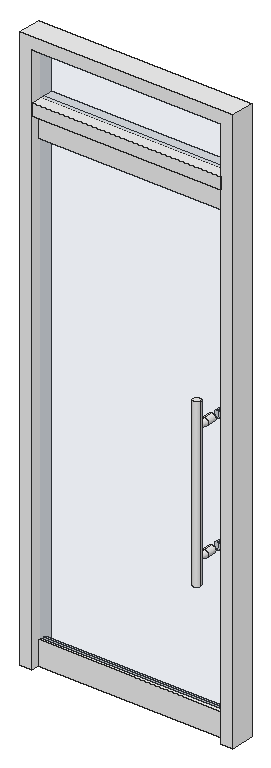
Revit family
Parameters
  프레임 투영 외부. = 25 mm
  프레임 투영 내부. = 25 mm
  프레임 폭 = 75 mm
  Height = 2400 mm
  Wall Closure = (empty or 0)
  Width = 900 mm
  문 두께 = 100 mm
  문 패널 = SSD11 문 패널
  문 리프 길이 = Width - 100 mm  # 800 mm
  문 높이 = 2100 mm
  문 프레임 = SSD11 문 프레임
Reference planes
  plane 1: y = 0
  plane 2 "왼쪽": x = -1850
  plane 3 "오른쪽": x = -950
  plane 4: z = 2400
  plane 5 "외부": y = 75
  plane 6 "내부": y = -75
  plane 7: x = -1800
  plane 8: x = -1000
  plane 9: y = 50
  plane 10: y = -50
  plane 11: z = 2350
  plane 12: z = 2100
  plane 13: z = 2150
  plane 14: z = 2000
  plane 15: z = 100
  plane 16: y = 6
  plane 17: y = -6
  plane 18: y = 16
  plane 19: y = -16
  plane 20: x = -1065
  plane 21: z = 600
  plane 22: z = 1050
  plane 23: x = -1400
  plane 24: y = 800
  plane 25: y = -800
Forms (mm)
  Sweep 1, solid, material "SSD11 문 프레임" <- "문 프레임"
    path origin (0, 75, 0) x (1, 0, 0) y (0, 0, 1)
      loop
        line (-950, 0) -> (-950, 2400) -> (-1850, 2400) -> (-1850, 0)
    profile origin (-950, 75, 1200) x (-1, 0, 0) y (0, -1, 0)
      loop
        line (50, 25) -> (50, 125) -> (0, 125) -> (0, 25) -> (50, 25)
  Extrusion 2, solid, material "SSD11 문 패널" <- "문 패널"
    sketch origin (900, 0, 0) x (1, 0, 0) y (0, 1, 0)
      loop
        line (-2700, 6) -> (-2700, -6) -> (-1900, -6) -> (-1900, 6) -> (-2700, 6)
    from 0 to 2100
  Extrusion 3, solid, material "SSD11 문 프레임" <- "문 프레임"
    sketch origin (900, 0, 0) x (1, 0, 0) y (0, 1, 0)
      loop
        line (-2700, -16) -> (-1900, -16) -> (-1900, -6) -> (-2700, -6) -> (-2700, -16)
      loop
        line (-2700, 6) -> (-1900, 6) -> (-1900, 16) -> (-2700, 16) -> (-2700, 6)
    from 0 to 100
  Extrusion 4, solid, material "SSD11 문 프레임" <- "문 프레임"
    sketch origin (-2581.693, 300, 2000) x (0, 1, 0) y (1, 0, 0)
      loop
        line (-294, 781.693) -> (-284, 781.693) -> (-284, 1581.693) -> (-294, 1581.693) -> (-294, 781.693)
      loop
        line (-316, 781.693) -> (-306, 781.693) -> (-306, 1581.693) -> (-316, 1581.693) -> (-316, 781.693)
    from 0 to -100
  Extrusion 5, solid, material "SSD11 문 패널" <- "문 패널"
    sketch origin (-2581.693, 300, 2100) x (0, 1, 0) y (1, 0, 0)
      loop
        line (-294, 781.693) -> (-294, 1581.693) -> (-306, 1581.693) -> (-306, 781.693) -> (-294, 781.693)
    from -50 to -250
  Extrusion 6, solid, material "SSD11 문 프레임" <- "문 프레임"
    sketch origin (-2581.693, 300, 2100) x (0, 1, 0) y (1, 0, 0)
      loop
        line (-250, 781.693) -> (-250, 1581.693) -> (-350, 1581.693) -> (-350, 781.693) -> (-250, 781.693)
    from 0 to -50
Lines and regions (mm)
  Opening 1
    outline origin (-3050, -75, 0) x (1, 0, 0) y (0, 0, 1)
      loop
        line (1200, 0) -> (2100, 0) -> (2100, 2400) -> (1200, 2400) -> (1200, 0)
  symbolic lines, style "평면 스윙"
    curve 1: line (-1800, -800, 2100) -> (-1768, -800, 2100)
    curve 6: line (-1800, 0, 2100) -> (-1800, 800, 2100)
    curve 7: line (-1800, 800, 2100) -> (-1768, 800, 2100)
    curve 8: line (-1768, 800, 2100) -> (-1768, 0, 2100)
    curve 9: line (-1800, 0, 2100) -> (-1800, -800, 2100)
    curve 10: line (-1800, -800, 2100) -> (-1768, -800, 2100)
    curve 11: line (-1768, -800, 2100) -> (-1768, 0, 2100)
    curve 12: arc (-1800, 800, 2100) -> (-1234.315, 565.685, 2100) -> (-1000, 0, 2100) r 800
    curve 13: arc (-1800, -800, 2100) -> (-1234.315, -565.685, 2100) -> (-1000, 0, 2100) r 800
  symbolic lines, style "입면도 스윙"
    curve 2: line (-1000, 75, 2100) -> (-1000, 75, 1050)
    curve 3: line (-1000, 75, 1050) -> (-1000, 75, 0)
    curve 4: line (-1000, 75, 0) -> (-1800, 75, 1050)
    curve 5: line (-1800, 75, 1050) -> (-1000, 75, 2100)
Text (mm)
  text "외부" at (-2295.016, 1099.543, 0), in view "참조 레벨"
  text "외부" at (0, 1615.38, 3698.081), in view "왼쪽"
  text "외부" at (0, 1036.032, 3874.932), in view "오른쪽"
Dimensions and locks
  plane 2 "왼쪽" to plane 3 "오른쪽" = 900 mm  (x2)
  "Width": plane 2 "왼쪽" to plane 3 "오른쪽"
  "Height": plane 4 to host wall
  "문 높이": host wall to plane 12
  host wall to plane 4 = 2400 mm
  locked: plane 5 "외부" to host wall at 0
  locked: plane 6 "내부" to host wall
  locked: plane 2 "왼쪽" to plane 7 at 50
  locked: plane 8 to plane 3 "오른쪽" at 50
  "문 두께": plane 9 to plane 10
  locked: plane 11 to plane 4 at 50
  locked: plane 12 to plane 13 at 50
  locked: plane 14 to plane 12 at 100
  locked: level to plane 15 at 100
  plane 16 to host wall to plane 17 = 6 mm locked, 6 mm locked
  locked: plane 17 to plane 19 at 10
  locked: plane 18 to plane 16 at 10
  locked: level to plane 22 at 1050
  plane 12 to plane 4 = 300 mm
  equal spacing: plane 2 "왼쪽", plane 23, plane 3 "오른쪽"
  locked: plane 20 to plane 3 "오른쪽" at 115
  equal spacing: plane 9, plane 1, plane 10
  "문 리프 길이": plane 24 to plane 1
  "문 리프 길이": plane 1 to plane 25
  aligned and locked: plane 2 "왼쪽" to Opening 1 sketch curve
  aligned and locked: plane 4 to Opening 1 sketch curve  (x2)
  aligned and locked: Opening 1 sketch curve to plane 3 "오른쪽"
  aligned and locked: Opening 1 sketch curve to level
  aligned and locked: host wall to plane 1
  aligned and locked: Sweep 1 sketch curve to plane 2 "왼쪽"
  aligned and locked: plane 4 to Sweep 1 sketch curve
  aligned and locked: plane 3 "오른쪽" to Sweep 1 sketch curve
  aligned and locked: plane 8 to Sweep 1 sketch curve
  aligned and locked: host wall to Sweep 1 sketch curve
  aligned and locked: Sweep 1 sketch curve to plane 9
  aligned and locked: plane 10 to Sweep 1 sketch curve
  aligned and locked: plane 11 to Sweep 1
  aligned and locked: Extrusion 2 sketch curve to plane 16
  aligned and locked: Extrusion 2 to plane 12
  aligned and locked: Extrusion 3 sketch curve to plane 19
  aligned and locked: Extrusion 3 sketch curve to Extrusion 2  (x2)
  aligned and locked: plane 15 to Extrusion 3
  aligned and locked: Extrusion 2 to Extrusion 4 sketch curve
  aligned and locked: Extrusion 4 sketch curve to Extrusion 2
  aligned and locked: Extrusion 4 sketch curve to Extrusion 3  (x2)
  aligned and locked: Extrusion 3 to Extrusion 4 sketch curve
  aligned and locked: Extrusion 4 to plane 12
  aligned and locked: Extrusion 5 sketch curve to Extrusion 2
  aligned and locked: Extrusion 5 to Sweep 1
  aligned and locked: plane 13 to Extrusion 5
  aligned and locked: Extrusion 6 to plane 13
  aligned and locked: Extrusion 3 to nested 1
  aligned and locked: nested 1 to plane 20
  aligned and locked: nested 2 to Extrusion 3
  aligned and locked: plane 20 to nested 2
  aligned and locked: plane 21 to nested 2
  aligned and locked: nested 1 to plane 21
  aligned and locked: plane 7 to Extrusion 3 sketch curve  (x2)
  aligned and locked: plane 7 to Extrusion 4 sketch curve  (x2)
  aligned and locked: plane 8 to Extrusion 5 sketch curve
  aligned and locked: Extrusion 5 sketch curve to plane 7
  aligned and locked: Extrusion 6 sketch curve to plane 7
  aligned and locked: plane 8 to Extrusion 6 sketch curve
  aligned and locked: Extrusion 2 sketch curve to plane 7
  aligned and locked: Extrusion 3 sketch curve to plane 8
  aligned and locked: plane 7 to Extrusion 4
  aligned and locked: Extrusion 4 to plane 8
  aligned and locked: Extrusion 4 sketch curve to plane 8
  aligned and locked: plane 7 to curve 5
  aligned and locked: plane 22 to curve 5
  aligned and locked: curve 7 to plane 24
  aligned and locked: curve 10 to plane 25
Automatic sketch dimensions
  Sweep 1 sketch curve to level = 0 mm  (x2)
  Extrusion 6 sketch curve to plane 10 = 0 mm
  Extrusion 6 sketch curve to plane 9 = 0 mm
  Extrusion 5 sketch curve to plane 17 = 0 mm
  Extrusion 3 sketch curve to plane 17 = 0 mm
  Extrusion 3 sketch curve to plane 18 = 0 mm
  Extrusion 3 sketch curve to plane 8 = 0 mm
  Extrusion 2 sketch curve to plane 8 = 0 mm
  Extrusion 2 sketch curve to plane 17 = 0 mm
  Extrusion 4 sketch curve to plane 17 = 0 mm
  Extrusion 4 sketch curve to plane 8 = 0 mm
  curve 3 to level = 0 mm
  curve 3 to plane 8 = 0 mm
  curve 3 to plane 22 = 0 mm
  curve 5 to plane 12 = 0 mm
  curve 13 to plane 7 = 0 mm
  curve 8 to host wall = 0 mm
  curve 9 to host wall = 0 mm
  curve 1 to curve 1 = 32 mm
Nested families
  nested 1: "KO_문 손잡이 유형3" at (-1065, -16, 100), type "핸들 유형3 03 길이700"
  nested 2: "KO_문 손잡이 유형3" at (-1065, 16, 100), type "핸들 유형3 03 길이700"
Definition of nested family "KO_문 손잡이 유형3"
  Parameters (values of type "핸들 유형3 01 길이600")
    링크 점 = 100 mm
    링크 재료 = 금속 - 크롬(2)
    핸들 재료 = 금속 - 크롬(2)
    핸들 깊이 = 80 mm
    링크 두께 = 10 mm
    핸들 반지름 = 17.5 mm
    기둥 점 = 500 mm
    핸들 길이 = 600 mm
    Assembly Code = ""
  Types (3, lengths in mm): name | 핸들 반지름 | 핸들 길이
    핸들 유형3 01 길이600 | 17.5 | 600
    핸들 유형3 02 길이650 | 15 | 650
    핸들 유형3 03 길이700 | 15 | 700
  Reference planes
    plane 1 "중심(앞/뒤)": y = 0
    plane 2: z = 0
    plane 3 "중심(왼쪽/오른쪽)": x = 0
    plane 4 "하드웨어": z = 500
    plane 5: z = 1100
  Forms (mm)
    Sweep 1, solid, material "금속 - 크롬(2)" <- "핸들 재료"
      path origin (0, 0, 0) x (0, 1, 0) y (0, 0, 1)
        loop
          line (-80, 1100) -> (-80, 500)
      profile origin (0, 0, 800) x (1, 0, 0) y (0, 1, 0)
        loop
          circle (0, -80) r 17.5
    Revolve 2, solid, material "금속 - 크롬(2)" <- "링크 재료"
      sketch origin (0, 0, 0) x (0, 1, 0) y (0, 0, 1)
        loop
          line (-80, 1000) -> (0, 1000) -> (0, 1015) -> (-40, 1015) -> (-80, 1007.081) -> (-80, 1000)
        axis (-80, 1000) -> (0, 1000)
      angle from 0 to 360
    Revolve 3, solid, material "금속 - 크롬(2)" <- "링크 재료"
      sketch origin (0, 0, 0) x (0, 1, 0) y (0, 0, 1)
        loop
          line (0, 600) -> (0, 615) -> (-40, 615) -> (-80, 607.081) -> (-80, 600) -> (0, 600)
        axis (-80, 600) -> (0, 600)
      angle from 0 to 360
  Dimensions and locks
    "기둥 점": plane 4 "하드웨어" to plane 2
    "핸들 길이": plane 5 to plane 4 "하드웨어"
    "핸들 깊이": Sweep 1 sketch curve to plane 1 "중심(앞/뒤)"
    locked: Revolve 2 sketch curve to Revolve 2 sketch curve at 15
    locked: Revolve 2 sketch curve to Revolve 2 sketch curve at 7.081
    "링크 점": Revolve 2 sketch curve to Sweep 1
    locked: Revolve 3 sketch curve to Revolve 3 sketch curve at 7.081
    locked: Revolve 3 sketch curve to Revolve 3 sketch curve at 15
    "링크 점": plane 4 "하드웨어" to Revolve 3 sketch curve
    equal spacing: Revolve 2 sketch curve, Revolve 2 sketch curve, Revolve 2 sketch curve
    equal spacing: Revolve 3 sketch curve, Revolve 3 sketch curve, Revolve 3 sketch curve
    "핸들 반지름": radius of Sweep 1 sketch curve
    aligned and locked: plane 4 "하드웨어" to Sweep 1 sketch curve
    aligned and locked: plane 5 to Sweep 1 sketch curve
    aligned and locked: Sweep 1 to Revolve 2 sketch curve  (x2)
    aligned and locked: Sweep 1 to Revolve 3 sketch curve
    aligned and locked: Revolve 3 sketch curve to plane 1 "중심(앞/뒤)"
  Automatic sketch dimensions
    Sweep 1 sketch curve to plane 3 "중심(왼쪽/오른쪽)" = 0 mm
    Sweep 1 sketch curve to profile plane = 0 mm
    Revolve 2 sketch curve to Revolve 2 sketch curve = 0 mm  (x2)
    Revolve 2 sketch curve to plane 1 "중심(앞/뒤)" = 70 mm
    Revolve 3 sketch curve to Revolve 3 sketch curve = 0 mm  (x2)
    Revolve 3 sketch curve to Revolve 3 sketch curve = 39.243 mm
    Revolve 2 sketch curve to plane 1 "중심(앞/뒤)" = 0 mm
